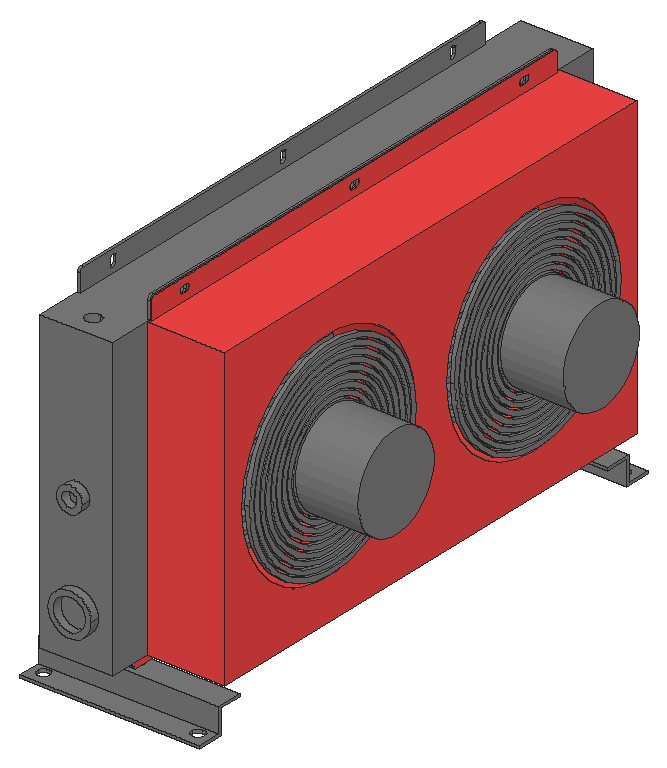
Revit family "MIT-A18Y-02", category Specialty Equipment, Revit 2022
Family settings
  Round Connector Dimension = Use Radius
  Part Type = Normal
  Work Plane-Based = No
  Always vertical = Yes
  Cut with Voids When Loaded = No
  Maintain Annotation Orientation = No
  Shared = No
  Room Calculation Point = No
Parameters
  URL = "https://en.ekinendustriyel.com/fan-driven-oil-coolers"
  Model = "MIT-A18Y-02"
  Manufacturer = "Ekin Endüstriyel"
  Keynote = "Fan Driven Oil Coolers"
  Description = "MIT- Fan Driven Oil Coolers"
  Default Elevation = 0 mm
Reference planes
  plane 1 "Center (Front/Back)": y = 0
  plane 2: z = 0
  plane 3 "Center (Left/Right)": x = 0
Forms (mm)
  Extrusion 1, solid, material "Ekin Endustriyel-S235JR", detail levels medium+fine
    sketch origin (0, -0.99, 0) x (0, 1, 0) y (0, 0, 1)
      loop
        line (350.992, 404.696) -> (-349.008, 404.696) -> (-349.008, 56.696) -> (350.992, 56.696) -> (350.992, 404.696)
      loop
        line (295.992, 390.196) -> (-294.008, 390.196) -> (-294.008, 380.196) -> (295.992, 380.196) -> (295.992, 390.196)
      loop
        line (-294.008, 375.196) -> (-294.008, 365.196) -> (295.992, 365.196) -> (295.992, 375.196) -> (-294.008, 375.196)
      loop
        line (-294.008, 360.196) -> (-294.008, 350.196) -> (295.992, 350.196) -> (295.992, 360.196) -> (-294.008, 360.196)
      loop
        line (-294.008, 345.196) -> (-294.008, 335.196) -> (295.992, 335.196) -> (295.992, 345.196) -> (-294.008, 345.196)
      loop
        line (295.992, 330.196) -> (-294.008, 330.196) -> (-294.008, 320.196) -> (295.992, 320.196) -> (295.992, 330.196)
      loop
        line (-294.008, 315.196) -> (-294.008, 305.196) -> (295.992, 305.196) -> (295.992, 315.196) -> (-294.008, 315.196)
      loop
        line (-294.008, 300.196) -> (-294.008, 290.196) -> (295.992, 290.196) -> (295.992, 300.196) -> (-294.008, 300.196)
      loop
        line (-294.008, 284.196) -> (-294.008, 274.196) -> (295.992, 274.196) -> (295.992, 284.196) -> (-294.008, 284.196)
      loop
        line (295.992, 269.196) -> (-294.008, 269.196) -> (-294.008, 259.196) -> (295.992, 259.196) -> (295.992, 269.196)
      loop
        line (-294.008, 254.196) -> (-294.008, 244.196) -> (295.992, 244.196) -> (295.992, 254.196) -> (-294.008, 254.196)
      loop
        line (-294.008, 239.196) -> (-294.008, 229.196) -> (295.992, 229.196) -> (295.992, 239.196) -> (-294.008, 239.196)
      loop
        line (-294.008, 224.196) -> (-294.008, 214.196) -> (295.992, 214.196) -> (295.992, 224.196) -> (-294.008, 224.196)
      loop
        line (295.992, 209.196) -> (-294.008, 209.196) -> (-294.008, 199.196) -> (295.992, 199.196) -> (295.992, 209.196)
      loop
        line (-294.008, 194.196) -> (-294.008, 184.196) -> (295.992, 184.196) -> (295.992, 194.196) -> (-294.008, 194.196)
      loop
        line (-294.008, 179.196) -> (-294.008, 169.196) -> (295.992, 169.196) -> (295.992, 179.196) -> (-294.008, 179.196)
      loop
        line (-294.008, 164.196) -> (-294.008, 154.196) -> (295.992, 154.196) -> (295.992, 164.196) -> (-294.008, 164.196)
      loop
        line (295.992, 149.196) -> (-294.008, 149.196) -> (-294.008, 139.196) -> (295.992, 139.196) -> (295.992, 149.196)
      loop
        line (-294.008, 134.196) -> (-294.008, 124.196) -> (295.992, 124.196) -> (295.992, 134.196) -> (-294.008, 134.196)
      loop
        line (-294.008, 119.196) -> (-294.008, 109.196) -> (295.992, 109.196) -> (295.992, 119.196) -> (-294.008, 119.196)
      loop
        line (-294.008, 104.196) -> (-294.008, 94.196) -> (295.992, 94.196) -> (295.992, 104.196) -> (-294.008, 104.196)
      loop
        line (295.992, 89.196) -> (-294.008, 89.196) -> (-294.008, 79.196) -> (295.992, 79.196) -> (295.992, 89.196)
      loop
        line (-294.008, 74.196) -> (-294.008, 64.196) -> (295.992, 64.196) -> (295.992, 74.196) -> (-294.008, 74.196)
    from 0 to 85
  Extrusion 2, solid, material "Ekin Endustriyel-S235JR", detail levels medium+fine
    sketch origin (0, 238.02, 106.089) x (1, 0, 0) y (0, 0, 1)
      loop
        circle (42.5, 243.108) r 18.847
      loop
        arc (19.235, 252.26) -> (32.375, 220.25) -> (64.91, 232.027) r 25
        arc (64.91, 232.027) -> (52.625, 265.966) -> (19.235, 252.26) r 25
    from -111.982 to -121.982
  Extrusion 3, solid, material "Ekin Endustriyel-S235JR", detail levels medium+fine
    sketch origin (0, -79.551, 1.514) x (1, 0, 0) y (0, 0, 1)
      loop
        circle (42.5, 109.182) r 18.847
      loop
        circle (42.5, 109.182) r 25
    from 270.447 to 280.447
  Extrusion 4, solid, material "Ekin Endustriyel_S235JR", detail levels medium+fine
    sketch origin (0, 0, 0) x (0, 1, 0) y (0, 0, 1)
      loop
        line (-299.998, 56.696) -> (300.002, 56.696) -> (300.002, 404.696) -> (-299.998, 404.696) -> (-299.998, 56.696)
      loop
        circle (-149.498, 231.412) r 127.5
      loop
        circle (149.502, 231.412) r 127.5
    from 85 to 175.604
  Extrusion 5, solid, material "Ekin Endustriyel_S235JR", detail levels medium+fine
    sketch origin (61.704, 0, 61.923) x (0, 1, 0) y (0, 0, 1)
      loop
        line (-295, 342.774) -> (295, 342.774) -> (295, 362.774)
        arc (295, 362.774) -> (293.536, 366.309) -> (290, 367.774) r 5
        line (290, 367.774) -> (-290, 367.774)
        arc (-290, 367.774) -> (-293.536, 366.309) -> (-295, 362.774) r 5
        line (-295, 362.774) -> (-295, 342.774)
      loop
        arc (-250.5, 359.774) -> (-255, 355.274) -> (-250.5, 350.774) r 4.5
        line (-250.5, 350.774) -> (-244.5, 350.774)
        arc (-244.5, 350.774) -> (-240, 355.274) -> (-244.5, 359.774) r 4.5
        line (-244.5, 359.774) -> (-250.5, 359.774)
      loop
        arc (244.5, 359.774) -> (240, 355.274) -> (244.5, 350.774) r 4.5
        line (244.5, 350.774) -> (250.5, 350.774)
        arc (250.5, 350.774) -> (255, 355.274) -> (250.5, 359.774) r 4.5
        line (250.5, 359.774) -> (244.5, 359.774)
      loop
        arc (-3, 359.774) -> (-7.5, 355.274) -> (-3, 350.774) r 4.5
        line (-3, 350.774) -> (3, 350.774)
        arc (3, 350.774) -> (7.5, 355.274) -> (3, 359.774) r 4.5
        line (3, 359.774) -> (-3, 359.774)
    from 23.296 to 24.796
  Sweep 6, solid, material "Ekin Endustriyel-S235JR", detail levels fine
    path origin (0, 223.927, 0) x (0, -1, 0) y (0, 0, -1)
      loop
        line (-44.575, -28.696) -> (-72.243, -28.696) -> (-72.243, 0.037) -> (-102.308, 0.037)
    profile origin (0, 282.336, 28.696) x (0, 0, 1) y (1, 0, 0)
      loop
        line (0, -42.483) -> (2.995, -42.483) -> (2.995, 167.517) -> (0, 167.517) -> (0, -42.483)
  Extrusion 7, void
    sketch origin (0, 223.882, 0) x (1, 0, 0) y (0, 1, 0)
      loop
        circle (152.491, 86.368) r 7.5
      loop
        circle (-27.5, 86.317) r 7.5
      loop
        circle (62.485, 56.137) r 4.2
      loop
        circle (22.5, 56.12) r 4.25
    from -5.013 to 37.897
  Extrusion 8, solid, material "Ekin Endustriyel-S235JR", detail levels fine
    sketch origin (0, 139.233, 0) x (1, 0, 0) y (0, 0, 1)
      loop
        line (3, 31.691) -> (60, 31.691) -> (60, 56.696) -> (3, 56.696) -> (3, 31.691)
    from -150.769 to -130.769
  Extrusion 9, solid, material "Ekin Endustriyel-S235JR", detail levels coarse
    sketch origin (0, 0, 0) x (0, 1, 0) y (0, 0, 1)
      loop
        line (350.002, 404.696) -> (-349.998, 404.696) -> (-349.998, 56.696) -> (-295, 56.696) -> (-295, 0) -> (295, 0) -> (295, 53.158) -> (350.002, 53.158) -> (350.002, 404.696)
    from 0 to 85
  Extrusion 10, solid, material "Ekin Endustriyel_S235JR", detail levels coarse
    sketch origin (0, 0, 0) x (0, 1, 0) y (0, 0, 1)
      loop
        line (-299.998, 404.696) -> (-299.998, 56.696) -> (300.002, 56.696) -> (300.002, 404.696) -> (-299.998, 404.696)
    from 85 to 175.604
  Extrusion 11, void
    sketch origin (0, -384.357, 392.206) x (1, 0, 0) y (0, 1, 0)
      loop
        circle (42.5, 59.359) r 8.928
    from -2.01 to 23.771
  Extrusion 12, solid, material "Ekin Endustriyel-S235JR"
    sketch origin (0, 0, 0) x (0, 1, 0) y (0, 0, 1)
      loop
        circle (-149.498, 231.412) r 55
      loop
        circle (149.502, 231.412) r 55
    from 140.096 to 254.508
  Extrusion 13, solid, material "Ekin Endustriyel-S235JR", detail levels fine
    sketch origin (0, 0, 59.372) x (0, 1, 0) y (0, 0, 1)
      loop
        line (295.002, 345.324) -> (295.002, 365.324)
        arc (295.002, 365.324) -> (293.538, 368.86) -> (290.002, 370.324) r 5
        line (290.002, 370.324) -> (-289.998, 370.324)
        arc (-289.998, 370.324) -> (-293.533, 368.86) -> (-294.998, 365.324) r 5
        line (-294.998, 365.324) -> (-294.998, 345.324) -> (295.002, 345.324)
      loop
        line (243.002, 360.824) -> (243.002, 354.824)
        arc (243.002, 354.824) -> (247.502, 350.324) -> (252.002, 354.824) r 4.5
        line (252.002, 354.824) -> (252.002, 360.824)
        arc (252.002, 360.824) -> (247.502, 365.324) -> (243.002, 360.824) r 4.5
      loop
        arc (-4.498, 354.824) -> (0.002, 350.324) -> (4.502, 354.824) r 4.5
        line (4.502, 354.824) -> (4.502, 360.824)
        arc (4.502, 360.824) -> (0.002, 365.324) -> (-4.498, 360.824) r 4.5
        line (-4.498, 360.824) -> (-4.498, 354.824)
      loop
        line (-251.998, 360.824) -> (-251.998, 354.824)
        arc (-251.998, 354.824) -> (-247.498, 350.324) -> (-242.998, 354.824) r 4.5
        line (-242.998, 354.824) -> (-242.998, 360.824)
        arc (-242.998, 360.824) -> (-247.498, 365.324) -> (-251.998, 360.824) r 4.5
    from 0 to 3
  Extrusion 14, solid, material "Ekin Endustriyel-S235JR", detail levels fine
    sketch origin (0, 0, 333.802) x (0, 1, 0) y (0, 0, 1)
      loop
        line (295.002, -277.106) -> (-294.998, -277.106) -> (-294.998, -297.106)
        arc (-294.998, -297.106) -> (-293.533, -300.641) -> (-289.998, -302.106) r 5
        line (-289.998, -302.106) -> (290.002, -302.106)
        arc (290.002, -302.106) -> (293.538, -300.641) -> (295.002, -297.106) r 5
        line (295.002, -297.106) -> (295.002, -277.106)
      loop
        arc (252.002, -286.606) -> (247.502, -282.106) -> (243.002, -286.606) r 4.5
        line (243.002, -286.606) -> (243.002, -292.606)
        arc (243.002, -292.606) -> (247.502, -297.106) -> (252.002, -292.606) r 4.5
        line (252.002, -292.606) -> (252.002, -286.606)
      loop
        arc (-242.998, -286.606) -> (-247.498, -282.106) -> (-251.998, -286.606) r 4.5
        line (-251.998, -286.606) -> (-251.998, -292.606)
        arc (-251.998, -292.606) -> (-247.498, -297.106) -> (-242.998, -292.606) r 4.5
        line (-242.998, -292.606) -> (-242.998, -286.606)
      loop
        arc (4.502, -286.606) -> (0.002, -282.106) -> (-4.498, -286.606) r 4.5
        line (-4.498, -286.606) -> (-4.498, -292.606)
        arc (-4.498, -292.606) -> (0.002, -297.106) -> (4.502, -292.606) r 4.5
        line (4.502, -292.606) -> (4.502, -286.606)
    from 0 to 3
  Extrusion 15, solid, material "Ekin Endustriyel-S235JR", detail levels medium+fine
    sketch origin (-50.795, 0, 0) x (0, 1, 0) y (0, 0, 1)
      loop
        arc (-28.507, 229.238) -> (-147.843, 351.685) -> (-270.484, 232.547) r 121
        arc (-270.484, 232.547) -> (-151.152, 109.708) -> (-28.507, 229.238) r 121
      loop
        arc (-33.503, 229.565) -> (-148.882, 346.695) -> (-265.498, 230.798) r 116
        arc (-265.498, 230.798) -> (-150.114, 114.698) -> (-33.503, 229.565) r 116
      loop
        arc (-36.502, 231.672) -> (-149.113, 343.696) -> (-262.484, 232.443) r 113
        arc (-262.484, 232.443) -> (-149.883, 117.697) -> (-36.502, 231.672) r 113
      loop
        arc (-41.521, 232.925) -> (-149.881, 338.696) -> (-257.488, 232.159) r 108
        arc (-257.488, 232.159) -> (-149.115, 122.697) -> (-41.521, 232.925) r 108
      loop
        arc (-44.571, 234.606) -> (-151.593, 335.676) -> (-254.498, 230.417) r 105
        arc (-254.498, 230.417) -> (-147.403, 125.717) -> (-44.571, 234.606) r 105
      loop
        arc (-49.517, 232.635) -> (-150.782, 330.688) -> (-249.496, 230.067) r 100
        arc (-249.496, 230.067) -> (-148.213, 130.705) -> (-49.517, 232.635) r 100
      loop
        arc (-52.508, 232.081) -> (-149.983, 327.695) -> (-246.497, 231.11) r 97
        arc (-246.497, 231.11) -> (-149.012, 133.698) -> (-52.508, 232.081) r 97
      loop
        arc (-57.507, 231.972) -> (-150.113, 322.694) -> (-241.498, 230.743) r 92
        arc (-241.498, 230.743) -> (-148.883, 138.698) -> (-57.507, 231.972) r 92
      loop
        arc (-60.501, 231.382) -> (-149.434, 319.696) -> (-238.494, 231.51) r 89
        arc (-238.494, 231.51) -> (-149.562, 141.696) -> (-60.501, 231.382) r 89
      loop
        arc (-65.536, 233.213) -> (-149.194, 314.696) -> (-233.44, 233.821) r 84
        arc (-233.44, 233.821) -> (-149.802, 146.697) -> (-65.536, 233.213) r 84
      loop
        arc (-68.505, 231.788) -> (-149.849, 311.696) -> (-230.497, 231.086) r 81
        arc (-230.497, 231.086) -> (-149.147, 149.697) -> (-68.505, 231.788) r 81
      loop
        arc (-73.5, 231.279) -> (-148.488, 306.69) -> (-225.453, 233.299) r 76
        arc (-225.453, 233.299) -> (-150.508, 154.703) -> (-73.5, 231.279) r 76
      loop
        arc (-76.5, 231.21) -> (-148.45, 303.689) -> (-222.451, 233.305) r 73
        arc (-222.451, 233.305) -> (-150.546, 157.704) -> (-76.5, 231.21) r 73
      loop
        arc (-81.51, 229.421) -> (-148.851, 298.693) -> (-217.498, 230.714) r 68
        arc (-217.498, 230.714) -> (-150.144, 162.699) -> (-81.51, 229.421) r 68
      loop
        arc (-84.508, 229.548) -> (-149.494, 295.696) -> (-214.488, 229.556) r 65
        arc (-214.488, 229.556) -> (-149.502, 165.696) -> (-84.508, 229.548) r 65
      loop
        arc (-89.528, 228.788) -> (-148.564, 290.689) -> (-209.498, 230.656) r 60
        arc (-209.498, 230.656) -> (-150.432, 170.704) -> (-89.528, 228.788) r 60
      loop
        arc (-92.498, 230.559) -> (-148.341, 287.685) -> (-206.456, 232.873) r 57
        arc (-206.456, 232.873) -> (-150.655, 173.708) -> (-92.498, 230.559) r 57
      loop
        arc (28.507, 229.238) -> (151.152, 109.708) -> (270.484, 232.547) r 121
        arc (270.484, 232.547) -> (147.843, 351.685) -> (28.507, 229.238) r 121
      loop
        arc (33.503, 229.565) -> (150.114, 114.698) -> (265.498, 230.798) r 116
        arc (265.498, 230.798) -> (148.882, 346.695) -> (33.503, 229.565) r 116
      loop
        arc (36.502, 231.672) -> (149.883, 117.697) -> (262.484, 232.443) r 113
        arc (262.484, 232.443) -> (149.113, 343.696) -> (36.502, 231.672) r 113
      loop
        arc (41.521, 232.925) -> (149.115, 122.697) -> (257.488, 232.159) r 108
        arc (257.488, 232.159) -> (149.881, 338.696) -> (41.521, 232.925) r 108
      loop
        arc (44.571, 234.606) -> (147.403, 125.717) -> (254.498, 230.417) r 105
        arc (254.498, 230.417) -> (151.593, 335.676) -> (44.571, 234.606) r 105
      loop
        arc (49.517, 232.635) -> (148.213, 130.705) -> (249.496, 230.067) r 100
        arc (249.496, 230.067) -> (150.782, 330.688) -> (49.517, 232.635) r 100
      loop
        arc (52.508, 232.081) -> (149.012, 133.698) -> (246.497, 231.11) r 97
        arc (246.497, 231.11) -> (149.983, 327.695) -> (52.508, 232.081) r 97
      loop
        arc (57.507, 231.972) -> (148.883, 138.698) -> (241.498, 230.743) r 92
        arc (241.498, 230.743) -> (150.113, 322.694) -> (57.507, 231.972) r 92
      loop
        arc (60.501, 231.382) -> (149.562, 141.696) -> (238.494, 231.51) r 89
        arc (238.494, 231.51) -> (149.434, 319.696) -> (60.501, 231.382) r 89
      loop
        arc (65.536, 233.213) -> (149.802, 146.697) -> (233.44, 233.821) r 84
        arc (233.44, 233.821) -> (149.194, 314.696) -> (65.536, 233.213) r 84
      loop
        arc (68.505, 231.788) -> (149.147, 149.697) -> (230.497, 231.086) r 81
        arc (230.497, 231.086) -> (149.849, 311.696) -> (68.505, 231.788) r 81
      loop
        arc (73.5, 231.279) -> (150.508, 154.703) -> (225.453, 233.299) r 76
        arc (225.453, 233.299) -> (148.488, 306.69) -> (73.5, 231.279) r 76
      loop
        arc (76.5, 231.21) -> (150.546, 157.704) -> (222.451, 233.305) r 73
        arc (222.451, 233.305) -> (148.45, 303.689) -> (76.5, 231.21) r 73
      loop
        arc (81.51, 229.421) -> (150.144, 162.699) -> (217.498, 230.714) r 68
        arc (217.498, 230.714) -> (148.851, 298.693) -> (81.51, 229.421) r 68
      loop
        arc (84.508, 229.548) -> (149.502, 165.696) -> (214.488, 229.556) r 65
        arc (214.488, 229.556) -> (149.494, 295.696) -> (84.508, 229.548) r 65
      loop
        arc (89.528, 228.788) -> (150.432, 170.704) -> (209.498, 230.656) r 60
        arc (209.498, 230.656) -> (148.564, 290.689) -> (89.528, 228.788) r 60
      loop
        arc (92.498, 230.559) -> (150.655, 173.708) -> (206.456, 232.873) r 57
        arc (206.456, 232.873) -> (148.341, 287.685) -> (92.498, 230.559) r 57
    from 226.399 to 231.318
  Extrusion 16, solid, material "Ekin Endustriyel-S235JR", detail levels coarse
    sketch origin (0, 0, 0) x (0, 1, 0) y (0, 0, 1)
      loop
        circle (-149.498, 230.696) r 121
      loop
        circle (149.498, 230.696) r 121
    from 172.104 to 175.604
  Extrusion 17, solid, material "Ekin Endustriyel-S235JR", detail levels fine
    sketch origin (60, 0, 59.372) x (0, 1, 0) y (0, 0, 1)
      loop
        line (295.002, 345.324) -> (295.002, 365.324)
        arc (295.002, 365.324) -> (293.538, 368.86) -> (290.002, 370.324) r 5
        line (290.002, 370.324) -> (-289.998, 370.324)
        arc (-289.998, 370.324) -> (-293.533, 368.86) -> (-294.998, 365.324) r 5
        line (-294.998, 365.324) -> (-294.998, 345.324) -> (295.002, 345.324)
      loop
        line (243.002, 360.824) -> (243.002, 354.824)
        arc (243.002, 354.824) -> (247.502, 350.324) -> (252.002, 354.824) r 4.5
        line (252.002, 354.824) -> (252.002, 360.824)
        arc (252.002, 360.824) -> (247.502, 365.324) -> (243.002, 360.824) r 4.5
      loop
        arc (-4.498, 354.824) -> (0.002, 350.324) -> (4.502, 354.824) r 4.5
        line (4.502, 354.824) -> (4.502, 360.824)
        arc (4.502, 360.824) -> (0.002, 365.324) -> (-4.498, 360.824) r 4.5
        line (-4.498, 360.824) -> (-4.498, 354.824)
      loop
        line (-251.998, 360.824) -> (-251.998, 354.824)
        arc (-251.998, 354.824) -> (-247.498, 350.324) -> (-242.998, 354.824) r 4.5
        line (-242.998, 354.824) -> (-242.998, 360.824)
        arc (-242.998, 360.824) -> (-247.498, 365.324) -> (-251.998, 360.824) r 4.5
    from 22 to 25
  Extrusion 18, solid, material "Ekin Endustriyel-S235JR", detail levels fine
    sketch origin (60, 0, 333.802) x (0, 1, 0) y (0, 0, 1)
      loop
        line (295.002, -277.106) -> (-294.998, -277.106) -> (-294.998, -297.106)
        arc (-294.998, -297.106) -> (-293.533, -300.641) -> (-289.998, -302.106) r 5
        line (-289.998, -302.106) -> (290.002, -302.106)
        arc (290.002, -302.106) -> (293.538, -300.641) -> (295.002, -297.106) r 5
        line (295.002, -297.106) -> (295.002, -277.106)
      loop
        arc (252.002, -286.606) -> (247.502, -282.106) -> (243.002, -286.606) r 4.5
        line (243.002, -286.606) -> (243.002, -292.606)
        arc (243.002, -292.606) -> (247.502, -297.106) -> (252.002, -292.606) r 4.5
        line (252.002, -292.606) -> (252.002, -286.606)
      loop
        arc (-242.998, -286.606) -> (-247.498, -282.106) -> (-251.998, -286.606) r 4.5
        line (-251.998, -286.606) -> (-251.998, -292.606)
        arc (-251.998, -292.606) -> (-247.498, -297.106) -> (-242.998, -292.606) r 4.5
        line (-242.998, -292.606) -> (-242.998, -286.606)
      loop
        line (-4.498, -286.606) -> (-4.498, -292.606)
        arc (-4.498, -292.606) -> (0.002, -297.106) -> (4.502, -292.606) r 4.5
        line (4.502, -292.606) -> (4.502, -286.606)
        arc (4.502, -286.606) -> (0.002, -282.106) -> (-4.498, -286.606) r 4.5
    from 0 to 3
  Extrusion 19, solid, material "Ekin Endustriyel-S235JR", detail levels fine
    sketch origin (0, -133.751, 0) x (1, 0, 0) y (0, 0, 1)
      loop
        line (3, 31.696) -> (60, 31.696) -> (60, 56.696) -> (3, 56.696) -> (3, 31.696)
    from 136.247 to 156.247
  Extrusion 20, solid, material "Ekin Endustriyel_S235JR", detail levels medium+fine
    sketch origin (61.704, 0, 334.165) x (0, 1, 0) y (0, 0, 1)
      loop
        line (-294.998, -277.469) -> (-294.998, -297.469)
        arc (-294.998, -297.469) -> (-293.533, -301.004) -> (-289.998, -302.469) r 5
        line (-289.998, -302.469) -> (290.002, -302.469)
        arc (290.002, -302.469) -> (293.538, -301.004) -> (295.002, -297.469) r 5
        line (295.002, -297.469) -> (295.002, -277.469) -> (-294.998, -277.469)
      loop
        line (-250.5, -294.469) -> (-244.5, -294.469)
        arc (-244.5, -294.469) -> (-240, -289.969) -> (-244.5, -285.469) r 4.5
        line (-244.5, -285.469) -> (-250.5, -285.469)
        arc (-250.5, -285.469) -> (-255, -289.969) -> (-250.5, -294.469) r 4.5
      loop
        line (244.5, -294.469) -> (250.5, -294.469)
        arc (250.5, -294.469) -> (255, -289.969) -> (250.5, -285.469) r 4.5
        line (250.5, -285.469) -> (244.5, -285.469)
        arc (244.5, -285.469) -> (240, -289.969) -> (244.5, -294.469) r 4.5
      loop
        line (3, -285.469) -> (-3, -285.469)
        arc (-3, -285.469) -> (-7.5, -289.969) -> (-3, -294.469) r 4.5
        line (-3, -294.469) -> (3, -294.469)
        arc (3, -294.469) -> (7.5, -289.969) -> (3, -285.469) r 4.5
    from 1.5 to 2.796
  Extrusion 21, solid, material "Ekin Endustriyel-S235JR", detail levels medium+fine
    sketch origin (0, -79.551, 191.398) x (1, 0, 0) y (0, 0, 1)
      loop
        circle (42.5, 39.298) r 8.928
      loop
        circle (42.5, 39.298) r 15
    from 270.447 to 280.447
  Sweep 22, solid, material "Ekin Endustriyel-S235JR", detail levels fine
    path origin (0, -223.927, 0) x (0, 1, 0) y (0, 0, 1)
      loop
        line (-44.575, 28.696) -> (-72.243, 28.696) -> (-72.243, -0.037) -> (-102.308, -0.037)
    profile origin (0, -282.336, 28.696) x (0, 0, -1) y (1, 0, 0)
      loop
        line (0, -42.483) -> (0, 167.517) -> (-2.995, 167.517) -> (-2.995, -42.483) -> (0, -42.483)
  Extrusion 23, void
    sketch origin (0, -223.882, 0) x (1, 0, 0) y (0, 1, 0)
      loop
        circle (152.491, -86.368) r 7.5
      loop
        circle (-27.5, -86.317) r 7.5
      loop
        circle (62.485, -56.137) r 4.2
      loop
        circle (22.5, -56.12) r 4.25
    from -5.013 to 37.897
Cuts and joins
  Extrusion 7, Extrusion 23 cuts Sweep 6
  Extrusion 7, Extrusion 11 cuts Extrusion 1
  Extrusion 7 cuts Extrusion 2
  Extrusion 7 cuts Extrusion 3
  Extrusion 23 cuts Sweep 22
Dimensions and locks
  aligned and locked: level to plane 2
Connectors
  piping at (42.5, 360.002, 349.196), diameter 31.8
    settings: on cut or joined group of Extrusion 2, Extrusion 7, index 5, connector inside diameter 609.6 mm, connector length 0 mm, flow factor 0, pipe flow 0.0 L/s, pressure drop 0.0 Pa, fitting loss kfactor 0, connector angle 0.00°, fixture units 0, engagement length 0 mm, angle of deflection 0.00°, flow configuration 0, flow direction 0, fitting loss method 0, system type 7, joint type 0, gender type 0, connector reference index -1, connector utility 0, adjustable connector no, is connector primary yes, connector description ""
  piping at (42.5, -359.998, 110.696), diameter 31.8
    settings: on cut or joined group of Extrusion 3, Extrusion 7, index 6, connector inside diameter 609.6 mm, connector length 0 mm, flow factor 0, pipe flow 0.0 L/s, pressure drop 0.0 Pa, fitting loss kfactor 0, connector angle 0.00°, fixture units 0, engagement length 0 mm, angle of deflection 0.00°, flow configuration 0, flow direction 0, fitting loss method 0, system type 7, joint type 0, gender type 0, connector reference index -1, connector utility 0, adjustable connector no, is connector primary no, connector description ""
  piping at (42.5, -359.998, 230.696), diameter 12.8
    settings: on Extrusion 21, index 7, connector inside diameter 609.6 mm, connector length 0 mm, flow factor 0, pipe flow 0.0 L/s, pressure drop 0.0 Pa, fitting loss kfactor 0, connector angle 0.00°, fixture units 0, engagement length 0 mm, angle of deflection 0.00°, flow configuration 0, flow direction 0, fitting loss method 0, system type 7, joint type 0, gender type 0, connector reference index -1, connector utility 0, adjustable connector no, is connector primary no, connector description ""
  piping at (42.5, 0.002, 404.696), diameter 18
    settings: on cut or joined group of Extrusion 1, Extrusion 7, Extrusion 11, index 8, connector inside diameter 609.6 mm, connector length 0 mm, flow factor 0, pipe flow 0.0 L/s, pressure drop 0.0 Pa, fitting loss kfactor 0, connector angle 0.00°, fixture units 0, engagement length 0 mm, angle of deflection 0.00°, flow configuration 0, flow direction 0, fitting loss method 0, system type 7, joint type 0, gender type 0, connector reference index -1, connector utility 0, adjustable connector no, is connector primary no, connector description ""
